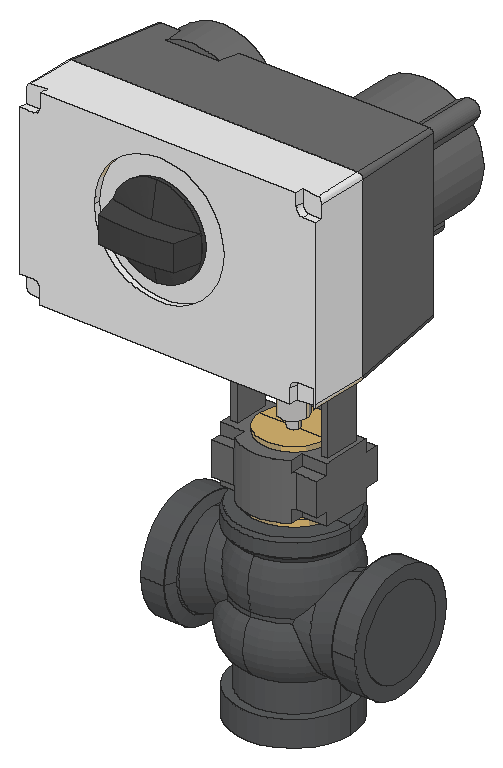
Revit family "VRG3_DN15-50_External_AMV(E) 438 SU_RFA_1", category Pipe Accessories, Revit 2019 (continued)
Definition of nested family "Schematic_3-Way Valve"
  Lines and regions (mm)
    model lines
      curve 20: line (-13.333, 0, 84.8) -> (13.333, 0, 84.8)
      curve 21: line (-13.333, 0, 58.133) -> (-13.333, 0, 84.8)
      curve 22: line (13.333, 0, 58.133) -> (-13.333, 0, 58.133)
      curve 23: line (13.333, 0, 84.8) -> (13.333, 0, 58.133)
    symbolic lines
      curve 10: line (0, 0, 0) -> (40, 16.6, 0)
      curve 11: line (40, 16.6, 0) -> (40, -16.6, 0)
      curve 12: line (40, -16.6, 0) -> (0, 0, 0)
      curve 13: line (0, 0, 0) -> (-40, 16.6, 0)
      curve 14: line (-40, 16.6, 0) -> (-40, -16.6, 0)
      curve 15: line (-40, -16.6, 0) -> (0, 0, 0)
      curve 16: line (0, 0, 0) -> (16.6, -39.5, 0)
      curve 17: line (16.6, -39.5, 0) -> (-16.6, -39.5, 0)
      curve 18: line (0, 0, 0) -> (-16.6, -39.5, 0)
      curve 24: line (-13.333, 84.8, 0) -> (13.333, 84.8, 0)
      curve 25: line (-13.333, 58.133, 0) -> (-13.333, 84.8, 0)
      curve 26: line (13.333, 58.133, 0) -> (-13.333, 58.133, 0)
      curve 27: line (13.333, 84.8, 0) -> (13.333, 58.133, 0)
      curve 28: line (0, 0, 0) -> (0, 58.133, 0)
  Dimensions and locks
    "D1": plane 4 to plane 5
    equal spacing: plane 4, level, plane 5
    "D1": plane 8 to plane 9
    equal spacing: plane 8, plane 3 "Center (Left/Right)", plane 9
    plane 9 to plane 8 = 33.2 mm
    equal spacing: plane 9, plane 3 "Center (Left/Right)", plane 8
    "D1": plane 13 to plane 12
    equal spacing: plane 13, plane 1 "Center (Front/Back)", plane 12
    "L_1": plane 14 to plane 15
    "H": plane 14 to level
    "L_1": plane 16 to plane 17
    equal spacing: plane 16, plane 3 "Center (Left/Right)", plane 17
    "H": plane 1 "Center (Front/Back)" to plane 18
    "L_1": plane 19 to plane 18
    equal spacing: plane 17, plane 3 "Center (Left/Right)", plane 16
    plane 17 to plane 16 = 26.667 mm
    equal spacing: plane 7, plane 3 "Center (Left/Right)", plane 6
    "L": plane 7 to plane 6
    "H1": plane 2 to plane 10
    "H1": plane 11 to plane 1 "Center (Front/Back)"
    aligned and locked: level to plane 2
    aligned and locked: plane 10 to curve 3
    aligned and locked: curve 5 to plane 7
    aligned and locked: curve 8 to plane 6
    aligned and locked: level to curve 19
    aligned and locked: curve 20 to plane 14
    aligned and locked: plane 17 to curve 21
    aligned and locked: curve 23 to plane 16
    aligned and locked: plane 19 to curve 28
    aligned and locked: plane 15 to curve 19
  Automatic sketch dimensions
    curve 13 to plane 6 = 0 mm
    curve 18 to plane 9 = 0 mm
    curve 26 to plane 17 = 0 mm
    plane 1 "Center (Front/Back)" to curve 15 = 0 mm
    curve 15 to plane 3 "Center (Left/Right)" = 0 mm
    curve 24 to plane 16 = 0 mm
    curve 16 to plane 8 = 0 mm
    curve 12 to plane 7 = 0 mm
    plane 11 to curve 17 = 0 mm
    plane 13 to curve 12 = 0 mm
    plane 13 to curve 15 = 0 mm
    plane 12 to curve 13 = 0 mm
    plane 12 to curve 11 = 0 mm
    plane 18 to curve 24 = 0 mm
    curve 3 to plane 9 = 0 mm
    curve 6 to plane 3 "Center (Left/Right)" = 0 mm
    curve 2 to plane 8 = 0 mm
    curve 6 to plane 5 = 0 mm
    curve 9 to plane 5 = 0 mm
    curve 5 to plane 4 = 0 mm
    curve 7 to plane 4 = 0 mm
Types (10, lengths in mm): name | W2A | RB2 | RB1 | R3_2 | R1 | R2 | L | Hmain | Ha | H_5 | H_T2 | H_T1 | H_4 | Weight | W3B | W3A | W2 | W1 | V1 | H_6 | L1 | HB2 | HB1 | Stroke | R3 | R_Flow Pipe | NT | Model Type | Model | LL | Kvs | H_Body Bottom | HT_Flow pipe | H_2_ve | H_2 | H_Body Top | HB_Flow Pipe | H_3 | H1 | H_1 | H | D1 | D4 | D3 | D2 | D | NT2 | NT1 | A2_Flow Pipe | A1_Flow pipe
  VRG3_DN25_External_Kvs10_065Z0117 | 11 | 23.9 | 20.5 | 26 | 25 | 23 | 95 | 90.3 | 262.5 | -18 | 5.5 | 7 | 26 | 1.22 kg | 16 | 12 | 13 | 23 | no | 9 | 12 | 49.5 | 5 | "10 mm" | 25 | 18 | 11.2 | "VRG3_DN25_External_Kvs10" | "065Z0117" | 47.5 | 10.0 m³/h | 32 | 6 | -23.5 | 23.5 | 25 | 6 | 25.5 | 49.5 | 36.5 | 312 | 48 | 38 | 39.6 | 33.6 | 25 | 14.3 | 9.699 | 160.00° | 160.00°
  VRG3_DN20_External_Kvs6.3_065Z0116 | 16 | 21.3 | 17 | 23 | 22 | 19.5 | 80 | 86.8 | 217 | -15 | 5.3 | 7.3 | 23 | 0.90 kg | 7 | 4 | 17.5 | 20 | no | 8 | 12 | 44.5 | 7 | "10 mm" | 22 | 16.5 | 11.25 | "VRG3_DN20_External_Kvs6.3" | "065Z0116" | 40 | 6.3 m³/h | 26 | 4 | -24.5 | 24.5 | 24 | 6.314 | 25.5 | 44.5 | 32.5 | 261.5 | 42 | 33 | 35.4 | 29.4 | 20 | 14.289 | 9.743 | 158.00° | 163.00°
  VRG3_DN50_External_Kvs40_065Z0120 | 40 | 41 | 37 | 44 | 43 | 40.3 | 160 | 136.8 | 262.5 | -39 | 5.5 | 11.6 | 64 | 5.01 kg | 20 | 16 | 30 | 43 | yes | 10 | 17 | 82.5 | 24 | "15 mm" | 43 | 34 | 11.25 | "VRG3_DN50_External_Kvs40" | "065Z0120" | 80 | 40.0 m³/h | 43 | 7 | -28.5 | 28.5 | 45 | 8 | 25.5 | 82.5 | 78 | 345 | 81.5 | 70 | 56.2 | 46.2 | 50 | 16 | 9.743 | 163.00° | 165.00°
  VRG3_DN40_External_Kvs25_065Z0119 | 23 | 33 | 29.5 | 37 | 35 | 32 | 132 | 123.8 | 250 | -33 | 6 | 11.5 | 55 | 3.17 kg | 30 | 29 | 13 | 36 | yes | 7 | 14.5 | 75 | 16 | "15 mm" | 35 | 28 | 11.25 | "VRG3_DN40_External_Kvs25" | "065Z0119" | 66 | 25.0 m³/h | 44 | 8 | -23.5 | 23.5 | 38 | 8 | 24.8 | 75 | 65.5 | 325 | 65.5 | 60 | 52 | 42 | 40 | 16 | 9.743 | 158.00° | 165.00°
  VRG3_DN15_External_Kvs0.63_065Z0111 | 13 | 16.6 | 14 | 21.5 | 20.5 | 17.5 | 80 | 84.3 | 214.5 | -13 | 5.3 | 7 | 20 | 0.71 kg | 11.5 | 9 | 13 | 17 | no | 9 | 11 | 40 | 4.5 | "10 mm" | 20.5 | 13 | 11.25 | "VRG3_DN15_External_Kvs0.63" | "065Z0111" | 40 | 0.63 m³/h | 25 | 5 | -23.5 | 23.5 | 18 | 6.314 | 25.5 | 40 | 30 | 254.5 | 33.3 | 28 | 29.1 | 23.1 | 15 | 14.289 | 9.743 | 158.00° | 158.00°
  VRG3_DN15_External_Kvs1.6_065Z0113 | 13 | 16.6 | 14 | 21.5 | 20.5 | 17.5 | 80 | 84.3 | 214.5 | -13 | 5.3 | 7 | 20 | 0.71 kg | 11.5 | 9 | 13 | 17 | no | 9 | 11 | 40 | 4.5 | "10 mm" | 20.5 | 13 | 11.25 | "VRG3_DN15_External_Kvs1.6" | "065Z0113" | 40 | 1.6 m³/h | 25 | 5 | -23.5 | 23.5 | 18 | 6.314 | 25.5 | 40 | 30 | 254.5 | 33.3 | 28 | 29.1 | 23.1 | 15 | 14.289 | 9.743 | 158.00° | 158.00°
  VRG3_DN15_External_Kvs2.5_065Z0114 | 13 | 16.6 | 14 | 21.5 | 20.5 | 17.5 | 80 | 84.3 | 214.5 | -13 | 5.3 | 7 | 20 | 0.71 kg | 11.5 | 9 | 13 | 17 | no | 9 | 11 | 40 | 4.5 | "10 mm" | 20.5 | 13 | 11.25 | "VRG3_DN15_External_Kvs2.5" | "065Z0114" | 40 | 2.5 m³/h | 25 | 5 | -23.5 | 23.5 | 18 | 6.314 | 25.5 | 40 | 30 | 254.5 | 33.3 | 28 | 29.1 | 23.1 | 15 | 14.289 | 9.743 | 158.00° | 158.00°
  VRG3_DN15_External_Kvs4.0_065Z0115 | 13 | 16.6 | 14 | 21.5 | 20.5 | 17.5 | 80 | 84.3 | 214.5 | -13 | 5.3 | 7 | 20 | 0.71 kg | 11.5 | 9 | 13 | 17 | no | 9 | 11 | 40 | 4.5 | "10 mm" | 20.5 | 13 | 11.25 | "VRG3_DN15_External_Kvs4.0" | "065Z0115" | 40 | 4.0 m³/h | 25 | 5 | -23.5 | 23.5 | 18 | 6.314 | 25.5 | 40 | 30 | 254.5 | 33.3 | 28 | 29.1 | 23.1 | 15 | 14.289 | 9.743 | 158.00° | 158.00°
  VRG3_DN15_External_Kvs1.0_065Z0112 | 13 | 16.6 | 14 | 21.5 | 20.5 | 17.5 | 80 | 84.3 | 214.5 | -13 | 5.3 | 7 | 20 | 0.71 kg | 11.5 | 9 | 13 | 17 | no | 9 | 11 | 40 | 4.5 | "10 mm" | 20.5 | 13 | 11.25 | "VRG3_DN15_External_Kvs1.0" | "065Z0112" | 40 | 1.0 m³/h | 25 | 5 | -23.5 | 23.5 | 18 | 6.314 | 25.5 | 40 | 30 | 254.5 | 33.3 | 28 | 29.1 | 23.1 | 15 | 14.289 | 9.743 | 158.00° | 158.00°
  VRG3_DN32_External_Kvs16_065Z0118 | 24 | 29.8 | 25 | 30 | 29 | 25 | 112 | 94.8 | 225.5 | -18 | 5.5 | 7 | 31 | 1.82 kg | 13 | 10 | 20 | 28 | no | 9 | 12 | 57.5 | 12 | "10 mm" | 29 | 23 | 11.25 | "VRG3_DN32_External_Kvs16" | "065Z0118" | 56 | 16.0 m³/h | 32 | 6 | -23.5 | 23.5 | 30 | 6 | 25.5 | 57.5 | 41 | 283 | 60 | 48 | 39.6 | 33.6 | 32 | 14.289 | 9.743 | 160.00° | 160.00°
